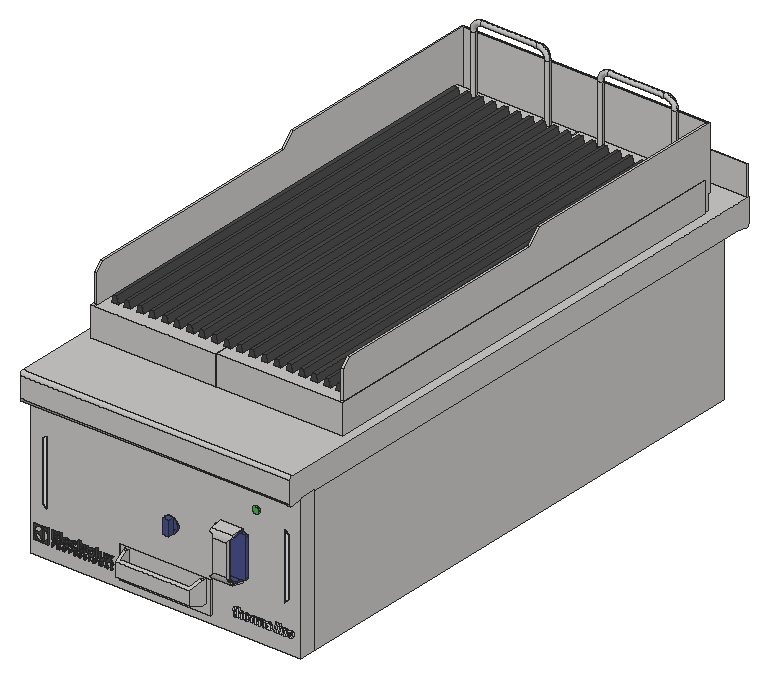
Revit family "QF_ELECTROLUXPROFESSIONAL_593100_MBDABBDOVO", category Specialty Equipment, Revit 2014
Parameters
  Weight in Pounds = 487.22
  URL Cutsheet = ""
  Type Mark [instance] = ""
  Specification by User [instance] = ""
  Specification by Manufacturer = ""
  Serial Number = ""
  Seismic Rating = ""
  SMACNA No = ""
  Revision Code [instance] = ""
  Omniclass Number and Title = ""
  NAFEM Spec ID Number = ""
  Model = "588557"
  Masterspec = ""
  Manufacturer = "Electrolux Professional"
  Item Number [instance] = ""
  Installed By [instance] = ""
  Identify Quantity as Lot [instance] = yes
  Furnished By [instance] = ""
  Foodservice Equipment Identifier [instance] = yes
  Description = ""
  CSI MasterFormat = ""
  CSI Master Format = ""
Reference planes
  plane 1 "BACK": y = 0
  plane 2: z = 0
  plane 3 "LEFT": x = 0
  plane 4 "RIGHT": x = 400
  plane 5 "FRONT": y = -850
  plane 6 "TOP": z = 900
  plane 7 "Center (Left/Right)": x = 200
  plane 8: y = -425
  plane 9: y = -150
  plane 10: y = -65
  plane 11: y = -790
  plane 12 "GASy": y = -540
  plane 13 "Base_Rib": z = 944
  plane 14 "BaseTop": z = 650
  plane 15: y = -805
  plane 16 "Camino": y = -50
  plane 17 "GASx": x = 365
  plane 18: z = 1131
  plane 19 "PlaneRibbed": through (-6096, -65, 890) normal (0, -0.0251, 0.9997)
  plane 20 "U_Profile": y = -73
Forms (mm)
  Extrusion 1, solid, material "QF_Finishes_Stainless Steel"
    sketch origin (-178.969, -4572, 100) x (-1, 0, 0) y (0, -1, 0)
      loop
        line (-178.969, -4527) -> (-178.969, -3767) -> (-578.969, -3767) -> (-578.969, -4527) -> (-178.969, -4527)
    from 550 to 762.969
  Extrusion 2, solid, material "QF_Finishes_Stainless Steel"
    sketch origin (200, 296.4, 1219.2) x (0, 1, 0) y (0, 0, 1)
      loop
        line (-296.4, -319.2) -> (-1141.4, -319.2)
        arc (-1141.4, -319.2) -> (-1144.935, -320.664) -> (-1146.4, -324.2) r 5
        line (-1146.4, -324.2) -> (-1146.4, -355.2)
        arc (-1146.4, -355.2) -> (-1144.971, -358.264) -> (-1141.705, -359.139) r 4
        line (-1141.705, -359.139) -> (-1126.4, -356.231) -> (-316.4, -356.231) -> (-301.094, -359.139)
        arc (-301.094, -359.139) -> (-297.829, -358.264) -> (-296.4, -355.2) r 4
        line (-296.4, -355.2) -> (-296.4, -319.2)
    from -200 to 200
  Extrusion 3, solid, material "QF_Finishes_Stainless Steel"
    sketch origin (200, 296.4, 1219.2) x (0, 1, 0) y (0, 0, 1)
      loop
        line (-296.4, -319.2) -> (-296.4, -275.2) -> (-298.4, -275.2) -> (-298.4, -319.2) -> (-296.4, -319.2)
    from 200 to -200
  Extrusion 4, solid, material "QF_Finishes_Stainless Steel"
    sketch origin (0, 0, 650) x (-1, 0, 0) y (0, -1, 0)
      loop
        circle (-365, 540) r 6.35
    from 0 to -10
  Extrusion 5, solid, material "QF_Finishes_Stainless Steel"
    sketch origin (200, 296.4, 1219.2) x (0, 1, 0) y (0, 0, 1)
      loop
        line (-663.66, -204.2) -> (-681.66, -222.2) -> (-1016.26, -222.2) -> (-1027.4, -233.34) -> (-1027.4, -319.2) -> (-352.4, -319.2) -> (-352.4, -297.2) -> (-347.4, -297.2) -> (-347.4, -204.2) -> (-663.66, -204.2)
    from -181 to -184
  Extrusion 6, solid, material "QF_Finishes_Stainless Steel"
    sketch origin (200, 296.4, 1219.2) x (0, 1, 0) y (0, 0, 1)
      loop
        line (-663.66, -204.2) -> (-681.66, -222.2) -> (-1016.26, -222.2) -> (-1027.4, -233.34) -> (-1027.4, -319.2) -> (-352.4, -319.2) -> (-352.4, -297.2) -> (-347.4, -297.2) -> (-347.4, -204.2) -> (-663.66, -204.2)
    from 184 to 181
  Extrusion 7, solid, material "QF_Finishes_Stainless Steel"
    sketch origin (200, 296.4, 1219.2) x (0, 1, 0) y (0, 0, 1)
      loop
        line (-350.4, -297.2) -> (-347.4, -297.2) -> (-347.4, -204.2) -> (-350.4, -204.2) -> (-350.4, -297.2)
    from -181 to 181
  Sweep 8, solid, material "QF_Finishes_Stainless Steel"
    path origin (185, -73, 0) x (1, 0, 0) y (0, 0, 1)
      loop
        line (-134.5, 944) -> (-134.5, 1030.5)
        arc (-134.5, 1030.5) -> (-130.546, 1040.046) -> (-121, 1044) r 13.5
        line (-121, 1044) -> (-38, 1044)
        arc (-38, 1044) -> (-28.454, 1040.046) -> (-24.5, 1030.5) r 13.5
        line (-24.5, 1030.5) -> (-24.5, 944)
    profile origin (50.5, -73, 987.25) x (-1, 0, 0) y (0, -1, 0)
      loop
        circle (0, 0) r 3.5
  Extrusion 9, solid, material "QF_Finishes_Stainless Steel"
    sketch origin (200, 296.4, 1219.2) x (0, 1, 0) y (0, 0, 1)
      loop
        line (-1032.4, -275.2) -> (-1032.4, -319.2) -> (-360.4, -319.2) -> (-360.4, -275.2) -> (-1032.4, -275.2)
    from -1 to -186.5
  Extrusion 10, solid, material "QF_Finishes_Stainless Steel"
    sketch origin (200, 296.4, 1219.2) x (0, 1, 0) y (0, 0, -1)
      loop
        line (-1032.4, 275.2) -> (-360.4, 275.2) -> (-360.4, 319.2) -> (-1032.4, 319.2) -> (-1032.4, 275.2)
    from -1 to -186.5
  Sweep 11, solid, material "QF_Finishes_Stainless Steel"
    path origin (215, -73, 0) x (-1, 0, 0) y (0, 0, 1)
      loop
        line (-134.5, 944) -> (-134.5, 1030.5)
        arc (-134.5, 1030.5) -> (-130.546, 1040.046) -> (-121, 1044) r 13.5
        line (-121, 1044) -> (-38, 1044)
        arc (-38, 1044) -> (-28.454, 1040.046) -> (-24.5, 1030.5) r 13.5
        line (-24.5, 1030.5) -> (-24.5, 944)
    profile origin (349.5, -73, 987.25) x (-1, 0, 0) y (0, -1, 0)
      loop
        circle (0, 0) r 3.5
Lines and regions (mm)
  symbolic lines
    curve 1: line (0, 0, 100) -> (400, 0, 100)
    curve 2: line (0, -850, 100) -> (0, 0, 100)
    curve 3: line (400, -850, 100) -> (0, -850, 100)
    curve 4: line (400, 0, 100) -> (400, -850, 100)
    curve 5: line (0, -2, 0) -> (400, -2, 0)
    curve 6: line (16, -51, 0) -> (16, -731, 0)
    curve 7: line (19, -731, 0) -> (19, -54, 0)
    curve 8: line (384, -51, 0) -> (16, -51, 0)
    curve 9: line (19, -54, 0) -> (381, -54, 0)
    curve 10: line (384, -731, 0) -> (384, -51, 0)
    curve 11: line (381, -731, 0) -> (384, -731, 0)
    curve 12: line (384, -719.86, 0) -> (381, -719.86, 0)
    curve 13: line (381, -367.26, 0) -> (384, -367.26, 0)
    curve 14: line (381, -385.26, 0) -> (384, -385.26, 0)
    curve 15: line (16, -367.26, 0) -> (19, -367.26, 0)
    curve 16: line (16, -385.26, 0) -> (19, -385.26, 0)
    curve 17: line (16, -731, 0) -> (19, -731, 0)
    curve 18: line (16, -719.86, 0) -> (19, -719.86, 0)
    curve 19: line (201, -736, 0) -> (386.5, -736, 0)
    curve 20: line (13.5, -736, 0) -> (199, -736, 0)
    curve 21: line (386.5, -736, 0) -> (386.5, -64, 0)
    curve 22: line (201, -64, 0) -> (381, -64, 0)
    curve 23: line (28, -64, 0) -> (199, -64, 0)
    curve 24: arc (160.5, -69.5, 0) -> (164, -73, 0) -> (160.5, -76.5, 0) r 3.5
    curve 25: arc (50.5, -69.5, 0) -> (47, -73, 0) -> (50.5, -76.5, 0) r 3.5
    curve 26: line (50.5, -76.5, 0) -> (160.5, -76.5, 0)
    curve 27: line (160.5, -69.5, 0) -> (50.5, -69.5, 0)
    curve 28: line (13.5, -64, 0) -> (13.5, -736, 0)
    curve 29: arc (239.5, -69.5, 0) -> (236, -73, 0) -> (239.5, -76.5, 0) r 3.5
    curve 30: arc (349.5, -69.5, 0) -> (353, -73, 0) -> (349.5, -76.5, 0) r 3.5
    curve 31: line (349.5, -76.5, 0) -> (239.5, -76.5, 0)
    curve 32: line (239.5, -69.5, 0) -> (349.5, -69.5, 0)
    curve 33: line (386.5, -64, 0) -> (386.5, -736, 0)
    curve 34: line (381, -731, 0) -> (381, -51, 0)
    curve 35: line (386.5, -64, 0) -> (384, -64, 0)
Dimensions and locks
  plane 3 "LEFT" to plane 4 "RIGHT" = 400 mm
  locked: plane 5 "FRONT" to plane 1 "BACK" at 850
  plane 3 "LEFT" to plane 7 "Center (Left/Right)" to plane 4 "RIGHT" = 200 mm, 200 mm
  equal spacing: plane 5 "FRONT", plane 8, plane 1 "BACK"
  plane 6 "TOP" to level = 900 mm  (x2)
  plane 1 "BACK" to plane 9 = 150 mm
  plane 12 "GASy" to plane 1 "BACK" = 540 mm
  plane 13 "Base_Rib" to plane 6 "TOP" = 44 mm
  plane 10 to plane 1 "BACK" = 65 mm
  plane 5 "FRONT" to plane 11 = 60 mm
  locked: plane 6 "TOP" to plane 14 "BaseTop" at 250
  locked: plane 15 to plane 5 "FRONT" at 45
  plane 16 "Camino" to plane 1 "BACK" = 50 mm
  plane 17 "GASx" to plane 4 "RIGHT" = 35 mm
  plane 18 to plane 6 "TOP" = 231 mm
  aligned and locked: level to plane 2
  aligned and locked: nested 1 to plane 15
  aligned and locked: Extrusion 1 to plane 15
  aligned and locked: Extrusion 3 to plane 3 "LEFT"
  aligned and locked: Extrusion 3 to plane 4 "RIGHT"
  aligned and locked: plane 3 "LEFT" to nested 1
  aligned and locked: Extrusion 2 to plane 3 "LEFT"
  aligned and locked: Extrusion 2 to plane 4 "RIGHT"
Automatic sketch dimensions
  Extrusion 2 sketch curve to plane 5 "FRONT" = 0 mm
  Extrusion 2 sketch curve to plane 6 "TOP" = 0 mm
  Extrusion 2 sketch curve to plane 1 "BACK" = 0 mm
  Extrusion 2 sketch curve to Extrusion 2 sketch curve = 4 mm
  Extrusion 2 sketch curve to Extrusion 2 sketch curve = 0.695 mm
  Extrusion 2 sketch curve to plane 5 "FRONT" = 5 mm
  Extrusion 2 sketch curve to Extrusion 2 sketch curve = 15.305 mm
  plane 1 "BACK" to Extrusion 2 sketch curve = 20 mm
  plane 1 "BACK" to Extrusion 2 sketch curve = 4.695 mm
  plane 1 "BACK" to Extrusion 2 sketch curve = 4 mm
  Extrusion 2 sketch curve to Extrusion 2 sketch curve = 31 mm
  Extrusion 2 sketch curve to Extrusion 2 sketch curve = 36 mm
  Extrusion 2 sketch curve to Extrusion 2 sketch curve = 2.909 mm
  Extrusion 3 sketch curve to plane 6 "TOP" = 0 mm
  Extrusion 3 sketch curve to plane 13 "Base_Rib" = 0 mm
  Extrusion 3 sketch curve to plane 1 "BACK" = 0 mm
  plane 1 "BACK" to Extrusion 3 sketch curve = 2 mm
  Extrusion 4 sketch curve to plane 12 "GASy" = 0 mm
  Extrusion 4 sketch curve to plane 17 "GASx" = 0 mm
  Extrusion 5 sketch curve to plane 6 "TOP" = 0 mm
  Extrusion 5 sketch curve to plane 11 = 59 mm
  Extrusion 5 sketch curve to Extrusion 5 sketch curve = 11.14 mm
  plane 8 to Extrusion 5 sketch curve = 39.74 mm
  Extrusion 5 sketch curve to Extrusion 5 sketch curve = 18 mm
  plane 16 "Camino" to Extrusion 5 sketch curve = 6 mm
  plane 16 "Camino" to Extrusion 5 sketch curve = 1 mm
  Extrusion 5 sketch curve to Extrusion 5 sketch curve = 22 mm
  plane 13 "Base_Rib" to Extrusion 5 sketch curve = 41.86 mm
  plane 13 "Base_Rib" to Extrusion 5 sketch curve = 53 mm
  plane 13 "Base_Rib" to Extrusion 5 sketch curve = 71 mm
  Extrusion 6 sketch curve to plane 6 "TOP" = 0 mm
  Extrusion 6 sketch curve to plane 11 = 59 mm
  Extrusion 6 sketch curve to Extrusion 6 sketch curve = 11.14 mm
  plane 8 to Extrusion 6 sketch curve = 39.74 mm
  Extrusion 6 sketch curve to Extrusion 6 sketch curve = 18 mm
  plane 16 "Camino" to Extrusion 6 sketch curve = 6 mm
  plane 16 "Camino" to Extrusion 6 sketch curve = 1 mm
  Extrusion 6 sketch curve to Extrusion 6 sketch curve = 22 mm
  plane 13 "Base_Rib" to Extrusion 6 sketch curve = 41.86 mm
  plane 13 "Base_Rib" to Extrusion 6 sketch curve = 53 mm
  plane 13 "Base_Rib" to Extrusion 6 sketch curve = 71 mm
  plane 16 "Camino" to Extrusion 7 sketch curve = 4 mm
  plane 16 "Camino" to Extrusion 7 sketch curve = 1 mm
  plane 6 "TOP" to Extrusion 7 sketch curve = 22 mm
  plane 13 "Base_Rib" to Extrusion 7 sketch curve = 71 mm
  Extrusion 9 sketch curve to plane 13 "Base_Rib" = 0 mm
  plane 6 "TOP" to Extrusion 9 sketch curve = 0 mm
  Extrusion 9 sketch curve to plane 11 = 54 mm
  Extrusion 9 sketch curve to plane 10 = 1 mm
  plane 13 "Base_Rib" to Extrusion 10 sketch curve = 0 mm
  plane 6 "TOP" to Extrusion 10 sketch curve = 0 mm
  Extrusion 10 sketch curve to plane 11 = 54 mm
  Extrusion 10 sketch curve to plane 10 = 1 mm
  Extrusion 1 sketch curve to plane 4 "RIGHT" = 0 mm
  Extrusion 1 sketch curve to plane 3 "LEFT" = 0 mm
  Extrusion 1 sketch curve to plane 15 = 0 mm
  Extrusion 1 sketch curve to plane 16 "Camino" = 5 mm
  plane 1 "BACK" to curve 1 = 0 mm
  curve 1 to plane 4 "RIGHT" = 0 mm
  curve 3 to plane 3 "LEFT" = 0 mm
  plane 5 "FRONT" to curve 3 = 0 mm
  Sweep 8 sketch curve to plane 13 "Base_Rib" = 0 mm  (x2)
  plane 3 "LEFT" to Sweep 8 sketch curve = 50.5 mm
  Sweep 8 sketch curve to Sweep 8 sketch curve = 13.5 mm  (x2)
  Sweep 8 sketch curve to plane 7 "Center (Left/Right)" = 53 mm
  plane 13 "Base_Rib" to Sweep 8 sketch curve = 86.5 mm
  plane 20 "U_Profile" to Sweep 8 sketch curve = 0 mm
  Sweep 8 sketch curve to profile plane = 0 mm
  Sweep 11 sketch curve to plane 13 "Base_Rib" = 0 mm  (x2)
  plane 17 "GASx" to Sweep 11 sketch curve = 15.5 mm
  Sweep 11 sketch curve to Sweep 11 sketch curve = 13.5 mm  (x2)
  Sweep 11 sketch curve to plane 7 "Center (Left/Right)" = 53 mm
  Sweep 11 sketch curve to plane 13 "Base_Rib" = 86.5 mm
  plane 20 "U_Profile" to Sweep 11 sketch curve = 0 mm
  Sweep 11 sketch curve to profile plane = 0 mm
  curve 5 to plane 3 "LEFT" = 0 mm
  plane 20 "U_Profile" to curve 25 = 0 mm
  plane 20 "U_Profile" to curve 29 = 0 mm
  curve 5 to plane 4 "RIGHT" = 0 mm
  plane 3 "LEFT" to curve 28 = 13.5 mm
  plane 16 "Camino" to curve 8 = 1 mm
  curve 28 to curve 8 = 2.5 mm
  curve 6 to curve 17 = 3 mm
  curve 27 to plane 20 "U_Profile" = 3.5 mm
  curve 7 to curve 27 = 31.5 mm
  curve 27 to plane 7 "Center (Left/Right)" = 39.5 mm
  curve 32 to plane 20 "U_Profile" = 3.5 mm
  plane 7 "Center (Left/Right)" to curve 32 = 39.5 mm
  curve 31 to plane 17 "GASx" = 15.5 mm
  plane 17 "GASx" to curve 11 = 16 mm
  curve 34 to curve 8 = 3 mm
  curve 19 to plane 11 = 54 mm
  curve 20 to plane 11 = 54 mm
  curve 20 to curve 7 = 5 mm
  curve 19 to curve 10 = 5 mm
  plane 16 "Camino" to curve 9 = 4 mm
  curve 23 to plane 10 = 1 mm
  curve 7 to curve 23 = 9 mm
  curve 23 to plane 7 "Center (Left/Right)" = 1 mm
  curve 20 to plane 7 "Center (Left/Right)" = 1 mm
  plane 7 "Center (Left/Right)" to curve 19 = 1 mm
  plane 7 "Center (Left/Right)" to curve 22 = 1 mm
  curve 35 to plane 10 = 1 mm
  curve 35 to curve 21 = 2.5 mm
  curve 6 to curve 18 = 11.14 mm
  curve 11 to curve 12 = 11.14 mm
  plane 8 to curve 14 = 39.74 mm
  plane 8 to curve 16 = 39.74 mm
  curve 16 to curve 15 = 18 mm
  curve 14 to curve 13 = 18 mm
  curve 28 to plane 10 = 1 mm
  curve 22 to plane 10 = 1 mm
  plane 1 "BACK" to curve 5 = 2 mm
  radius of Extrusion 4 sketch curve = 6.35 mm
  radius of Sweep 8 sketch curve = 3.5 mm
  radius of Sweep 11 sketch curve = 3.5 mm
Nested families
  nested 1: "Front_Panel_W400_2 Knobs_2Spie_Manop_Simm" at (202.376, -805, 0), type "Front_Panel_W400_2 Knobs_2Spie_Manop_Simm"
  nested 2: "Rib_TRAP10x10" at (33.5, -411.07, 944) x (-1, 0, 0) z (0, 0, 1), type "Rib_TRAP10x10"
    with Show Clearance yes, Lenght 632 mm
  nested 3: "Rib_TRAP10x10" at (52, -411.07, 944) x (-1, 0, 0) z (0, 0, 1), type "Rib_TRAP10x10"
    with Show Clearance yes, Lenght 632 mm
  nested 4: "Rib_TRAP10x10" at (70.5, -411.07, 944) x (-1, 0, 0) z (0, 0, 1), type "Rib_TRAP10x10"
    with Show Clearance yes, Lenght 632 mm
  nested 5: "Rib_TRAP10x10" at (89, -411.07, 944) x (-1, 0, 0) z (0, 0, 1), type "Rib_TRAP10x10"
    with Show Clearance yes, Lenght 632 mm
  nested 6: "Rib_TRAP10x10" at (107.5, -411.07, 944) x (-1, 0, 0) z (0, 0, 1), type "Rib_TRAP10x10"
    with Show Clearance yes, Lenght 632 mm
  nested 7: "Rib_TRAP10x10" at (126, -411.07, 944) x (-1, 0, 0) z (0, 0, 1), type "Rib_TRAP10x10"
    with Show Clearance yes, Lenght 632 mm
  nested 8: "Rib_TRAP10x10" at (144.5, -411.07, 944) x (-1, 0, 0) z (0, 0, 1), type "Rib_TRAP10x10"
    with Show Clearance yes, Lenght 632 mm
  nested 9: "Rib_TRAP10x10" at (163, -411.07, 944) x (-1, 0, 0) z (0, 0, 1), type "Rib_TRAP10x10"
    with Show Clearance yes, Lenght 632 mm
  nested 10: "Rib_TRAP10x10" at (181.5, -411.07, 944) x (-1, 0, 0) z (0, 0, 1), type "Rib_TRAP10x10"
    with Show Clearance yes, Lenght 632 mm
  nested 11: "Rib_TRAP10x10" at (200, -411.07, 944) x (-1, 0, 0) z (0, 0, 1), type "Rib_TRAP10x10"
    with Show Clearance yes, Lenght 632 mm
  nested 12: "Rib_TRAP10x10" at (218.5, -411.07, 944) x (-1, 0, 0) z (0, 0, 1), type "Rib_TRAP10x10"
    with Show Clearance yes, Lenght 632 mm
  nested 13: "Rib_TRAP10x10" at (237, -411.07, 944) x (-1, 0, 0) z (0, 0, 1), type "Rib_TRAP10x10"
    with Show Clearance yes, Lenght 632 mm
  nested 14: "Rib_TRAP10x10" at (255.5, -411.07, 944) x (-1, 0, 0) z (0, 0, 1), type "Rib_TRAP10x10"
    with Show Clearance yes, Lenght 632 mm
  nested 15: "Rib_TRAP10x10" at (274, -411.07, 944) x (-1, 0, 0) z (0, 0, 1), type "Rib_TRAP10x10"
    with Show Clearance yes, Lenght 632 mm
  nested 16: "Rib_TRAP10x10" at (292.5, -411.07, 944) x (-1, 0, 0) z (0, 0, 1), type "Rib_TRAP10x10"
    with Show Clearance yes, Lenght 632 mm
  nested 17: "Rib_TRAP10x10" at (311, -411.07, 944) x (-1, 0, 0) z (0, 0, 1), type "Rib_TRAP10x10"
    with Show Clearance yes, Lenght 632 mm
  nested 18: "Rib_TRAP10x10" at (329.5, -411.07, 944) x (-1, 0, 0) z (0, 0, 1), type "Rib_TRAP10x10"
    with Show Clearance yes, Lenght 632 mm
  nested 19: "Rib_TRAP10x10" at (348, -411.07, 944) x (-1, 0, 0) z (0, 0, 1), type "Rib_TRAP10x10"
    with Show Clearance yes, Lenght 632 mm
  nested 20: "Rib_TRAP10x10" at (366.5, -411.07, 944) x (-1, 0, 0) z (0, 0, 1), type "Rib_TRAP10x10"
    with Show Clearance yes, Lenght 632 mm
Connectors
  piping at (365, -540, 640), diameter 12.7
    settings: on Extrusion 4, index 2, connector inside diameter 24", connector length 0 mm, flow factor 0, pipe flow 0 GPM, pressure drop 0.00 psi, fitting loss kfactor 0, connector angle 0.00°, fixture units 0, engagement length 0 mm, angle of deflection 0.00°, flow configuration 1, flow direction 1, fitting loss method 0, system type 7, joint type 0, gender type 0, connector reference index -1, connector utility 0, adjustable connector no, is connector primary yes, connector description "Gas connection"
Definition of nested family "Front_Panel_W400_2 Knobs_2Spie_Manop_Simm"
  Reference planes
    plane 1 "Center (Front/Back)": y = 0
    plane 2: z = 0
    plane 3 "Right": x = 197.624
    plane 4 "Left": x = -202.376
    plane 5: y = -45
    plane 6: x = 97.624
    plane 7 "Panel": y = -25
    plane 8: x = -184.376
    plane 9: x = 57.473
    plane 10: x = -62.167
    plane 11 "Center (Left/Right)": x = -2.376
    plane 12: x = 179.624
  Forms (mm)
    Extrusion 1, solid, material "QF_Finishes_Stainless Steel"
      sketch origin (833.217, 829.203, -1.25) x (0, 1, 0) y (0, 0, 1)
        loop
          line (-854.203, 651.25) -> (-829.203, 651.25) -> (-829.203, 864.25) -> (-854.203, 864.25) -> (-854.203, 651.25)
      from -1035.593 to -635.593
    Extrusion 2, void
      sketch origin (-90, -25, -10) x (0, 0, 1) y (-1, 0, 0)
        loop
          line (731.866, 94.376) -> (726.866, 89.376) -> (823.866, 89.376) -> (818.866, 94.376) -> (731.866, 94.376)
        loop
          line (731.866, -269.624) -> (818.866, -269.624) -> (823.866, -264.624) -> (726.866, -264.624) -> (731.866, -269.624)
      from 0 to -2
    Extrusion 3, solid, material "QF_Finishes_Green"
      sketch origin (125, -25, 1.163) x (0, 0, 1) y (-1, 0, 0)
        loop
          circle (824.337, -7.624) r 5
      from 0 to 1.7
    Extrusion 4, solid, material "QF_Finishes_White"
      sketch origin (-90, -25, -10) x (0, 0, 1) y (-1, 0, 0)
        loop
          line (731.866, 94.376) -> (726.866, 89.376) -> (823.866, 89.376) -> (818.866, 94.376) -> (731.866, 94.376)
        loop
          line (731.866, -269.624) -> (818.866, -269.624) -> (823.866, -264.624) -> (726.866, -264.624) -> (731.866, -269.624)
      from 0 to -2
    Extrusion 5, solid, material "QF_Finishes_Electrolux Cyan"
      sketch origin (-65, -25, 0) x (0, 0, 1) y (-1, 0, 0)
        loop
          circle (761.978, -71.018) r 11.5
      from 1.492 to 2.716
    Extrusion 6, solid, material "QF_Finishes_Stainless Steel"
      sketch origin (-65, -25, 0) x (0, 0, 1) y (-1, 0, 0)
        loop
          circle (761.978, -71.018) r 8.098
      from 0 to 1.492
    Extrusion 7, solid, material "QF_Finishes_Electrolux Cyan"
      sketch origin (-65, -25, 0) x (0, 0, 1) y (-1, 0, 0)
        loop
          arc (772.561, -75.518) -> (773.478, -71.018) -> (772.561, -66.518) r 11.5
          line (772.561, -66.518) -> (751.395, -66.518)
          arc (751.395, -66.518) -> (750.478, -71.018) -> (751.395, -75.518) r 11.5
          line (751.395, -75.518) -> (772.561, -75.518)
      from 1.492 to 10
    Extrusion 8, solid, material "QF_Finishes_Stainless Steel"
      sketch origin (-19.971, -25, 0) x (0, 0, 1) y (-1, 0, 0)
        loop
          line (708.5, 50.376) -> (661.5, 50.376) -> (661.5, -85.567) -> (708.5, -85.567) -> (708.5, 50.376)
      from -2 to 1
    Extrusion 9, solid, material "QF_Finishes_Stainless Steel"
      sketch origin (-159.792, 0, 0.939) x (1, 0, 0) y (0, 1, 0)
        loop
          line (103.029, -26.6) -> (97.935, -26.6) -> (102.304, -49.075) -> (212.585, -49.075) -> (217.265, -25) -> (212.171, -25) -> (208.463, -44.075) -> (106.426, -44.075) -> (103.029, -26.6)
      from 672.593 to 705.67
    Extrusion 10, void
      sketch origin (-12.167, 0, 0.939) x (0, 1, 0) y (0, 0, 1)
        loop
          line (-30, 705.67) -> (-30, 710.67) -> (-56.744, 710.67) -> (-56.744, 667.593) -> (-30, 667.593) -> (-30, 672.593) -> (-53.776, 680.318) -> (-53.776, 697.945) -> (-30, 705.67)
      from -50 to 69.64
    Extrusion 11, void
      sketch origin (0, -25, 0) x (0, 0, 1) y (-1, 0, 0)
        loop
          line (708.5, 70.347) -> (661.5, 70.347) -> (661.5, -65.596) -> (708.5, -65.596) -> (708.5, 70.347)
      from 0 to -2
  Cuts and joins
    Extrusion 2, Extrusion 11 cuts Extrusion 1
    joined: Extrusion 5, Extrusion 7
    Extrusion 10 cuts Extrusion 9
  Dimensions and locks
    plane 3 "Right" to plane 4 "Left" = 400 mm
    plane 3 "Right" to plane 6 = 100 mm
    equal spacing: plane 3 "Right", plane 11 "Center (Left/Right)", plane 4 "Left"
    aligned and locked: cut or joined group of Extrusion 1, Extrusion 2, Extrusion 11 to plane 4 "Left"
    aligned and locked: plane 3 "Right" to cut or joined group of Extrusion 1, Extrusion 2, Extrusion 11
  Automatic sketch dimensions
    Extrusion 1 sketch curve to plane 7 "Panel" = 0 mm
    Extrusion 1 sketch curve to plane 1 "Center (Front/Back)" = 0 mm
    level to Extrusion 1 sketch curve = 650 mm
    Extrusion 1 sketch curve to Extrusion 1 sketch curve = 213 mm
    level to Extrusion 2 sketch curve = 716.866 mm
    plane 8 to Extrusion 2 sketch curve = 5 mm
    Extrusion 2 sketch curve to Extrusion 2 sketch curve = 0 mm
    plane 8 to Extrusion 2 sketch curve = 0 mm
    Extrusion 2 sketch curve to Extrusion 2 sketch curve = 5 mm  (x5)
    Extrusion 2 sketch curve to Extrusion 2 sketch curve = 87 mm  (x2)
    Extrusion 3 sketch curve to plane 3 "Right" = 65 mm
    level to Extrusion 3 sketch curve = 825.5 mm
    Extrusion 5 sketch curve to plane 9 = 51.455 mm
    level to Extrusion 5 sketch curve = 761.978 mm
    Extrusion 6 sketch curve to plane 9 = 51.455 mm
    level to Extrusion 6 sketch curve = 761.978 mm
    Extrusion 7 sketch curve to Extrusion 7 sketch curve = 0 mm  (x3)
    Extrusion 7 sketch curve to plane 9 = 55.955 mm
    level to Extrusion 7 sketch curve = 751.395 mm
    Extrusion 7 sketch curve to plane 9 = 46.955 mm
    Extrusion 7 sketch curve to Extrusion 7 sketch curve = 10.583 mm  (x2)
    Extrusion 8 sketch curve to plane 10 = 8.18 mm
    level to Extrusion 8 sketch curve = 661.5 mm
    plane 9 to Extrusion 8 sketch curve = 8.122 mm
    Extrusion 8 sketch curve to Extrusion 8 sketch curve = 47 mm
    plane 7 "Panel" to Extrusion 9 sketch curve = 0 mm
    Extrusion 9 sketch curve to plane 9 = 0 mm
    Extrusion 9 sketch curve to plane 9 = 4.68 mm
    Extrusion 9 sketch curve to plane 9 = 5.094 mm
    Extrusion 9 sketch curve to plane 5 = 0.925 mm
    Extrusion 9 sketch curve to Extrusion 9 sketch curve = 4.122 mm
    plane 10 to Extrusion 9 sketch curve = 8.801 mm
    plane 7 "Panel" to Extrusion 9 sketch curve = 1.6 mm
    plane 10 to Extrusion 9 sketch curve = 5.405 mm
    plane 10 to Extrusion 9 sketch curve = 4.68 mm
    plane 10 to Extrusion 9 sketch curve = 0.311 mm
    plane 5 to Extrusion 9 sketch curve = 4.075 mm
    plane 5 to Extrusion 10 sketch curve = 11.744 mm
    plane 5 to Extrusion 10 sketch curve = 8.776 mm
    plane 7 "Panel" to Extrusion 10 sketch curve = 5 mm  (x2)
    level to Extrusion 10 sketch curve = 668.531 mm
    Extrusion 10 sketch curve to Extrusion 10 sketch curve = 5 mm
    Extrusion 10 sketch curve to Extrusion 10 sketch curve = 12.725 mm  (x2)
    Extrusion 10 sketch curve to Extrusion 10 sketch curve = 17.627 mm
    Extrusion 10 sketch curve to Extrusion 10 sketch curve = 7.725 mm
    Extrusion 11 sketch curve to plane 10 = 8.18 mm
    level to Extrusion 11 sketch curve = 661.5 mm
    plane 9 to Extrusion 11 sketch curve = 8.122 mm
    Extrusion 11 sketch curve to Extrusion 11 sketch curve = 47 mm
    Extrusion 2 sketch curve to plane 3 "Right" = 23 mm
    Extrusion 4 sketch curve to plane 8 = 0 mm
    Extrusion 4 sketch curve to plane 3 "Right" = 23 mm
    level to Extrusion 4 sketch curve = 716.866 mm
    plane 8 to Extrusion 4 sketch curve = 5 mm
    Extrusion 4 sketch curve to Extrusion 4 sketch curve = 0 mm
    Extrusion 4 sketch curve to Extrusion 4 sketch curve = 5 mm  (x4)
    Extrusion 4 sketch curve to plane 3 "Right" = 18 mm
    Extrusion 4 sketch curve to Extrusion 4 sketch curve = 87 mm  (x2)
    radius of Extrusion 3 sketch curve = 5 mm
    radius of Extrusion 5 sketch curve = 11.5 mm
    radius of Extrusion 6 sketch curve = 8.098 mm
  Nested families
    nested 1: "Range Control Handle" at (97.624, -28.137, -209.113) x (-1, 0, 0) z (0, 0, 1), type "Range Control Handle"
    nested 2: "ELX_ThermaLine_Small" at (138.901, -25, 679.426) x (1, 0, 0) z (0, -1, 0), type "ELX_ThermaLine_Small"
      with Show Logo yes, Material_Logo QF_Finishes_Black
    nested 3: "ELX_Professional_Logo_Small" at (-137.89, -25, 681.659) x (1, 0, 0) z (0, -1, 0), type "ELX_Professional_Logo_Small"
      with Show Logo yes, Material_Logo QF_Finishes_Black
  Definition of nested family "Range Control Handle"
    Reference planes
      plane 1 "Center (Front/Back)": y = 0
      plane 2: z = 0
      plane 3 "Center (Left/Right)": x = 0
      plane 4: z = 971.092
      plane 5: y = -16.9
    Forms (mm)
      Extrusion 1, solid, material "QF_Finishes_Electrolux Cyan"
        sketch origin (-746.28, 380.497, 208.931) x (-1, 0, 0) y (0, 0, 1)
          loop
            line (-770.101, 786.798) -> (-770.101, 731.649)
            arc (-770.101, 731.649) -> (-769.759, 730.563) -> (-768.855, 729.87) r 1.893
            line (-768.855, 729.87) -> (-763.474, 727.911) -> (-729.81, 727.911) -> (-724.428, 729.87)
            arc (-724.428, 729.87) -> (-723.525, 730.563) -> (-723.183, 731.649) r 1.893
            line (-723.183, 731.649) -> (-723.183, 786.798)
            arc (-723.183, 786.798) -> (-723.529, 787.894) -> (-724.44, 788.593) r 1.91
            line (-724.44, 788.593) -> (-729.683, 790.819) -> (-763.601, 790.819) -> (-768.844, 788.593)
            arc (-768.844, 788.593) -> (-769.755, 787.894) -> (-770.101, 786.798) r 1.91
        from -382.35 to -378.852
      Sweep 2, solid, material "QF_Finishes_Electrolux Cyan"
        path origin (-746.788, 380.496, 208.091) x (0, -1, 0) y (0, 0, 1)
          loop
            line (379.775, 793.281) -> (395.661, 791.048)
            arc (395.661, 791.048) -> (397.781, 787.377) -> (398.517, 783.202) r 12.207
            line (398.517, 783.202) -> (398.517, 737.368)
            arc (398.517, 737.368) -> (397.781, 733.193) -> (395.661, 729.522) r 12.207
            line (395.661, 729.522) -> (379.775, 727.289)
        profile origin (-746.788, -7.222, 1000.256) x (0, -0.139173, 0.990268) y (-1, 0, 0)
          loop
            line (0.782, -763.123) -> (0.782, -730.907) -> (-1.322, -730.907) -> (-1.322, -763.123) -> (0.782, -763.123)
      Sweep 3, solid, material "QF_Finishes_Stainless Steel"
        path origin (-746.788, 380.715, 207.832) x (0, -1, 0) y (0, 0, 1)
          loop
            line (380.478, 795.442) -> (397.218, 793.09)
            arc (397.218, 793.09) -> (399.929, 788.473) -> (400.871, 783.202) r 15.207
            line (400.871, 783.202) -> (400.871, 737.584)
            arc (400.871, 737.584) -> (399.914, 732.274) -> (397.164, 727.633) r 15.207
            line (397.164, 727.633) -> (380.601, 725.305)
        profile origin (-746.788, -8.132, 1002.099) x (0, -0.139173, 0.990268) y (-1, 0, 0)
          loop
            line (0.782, -763.123) -> (0.782, -730.907) -> (-1.322, -730.907) -> (-1.322, -763.123) -> (0.782, -763.123)
      Extrusion 4, void
        sketch origin (889.253, 220.666, 207.993) x (1, 0, 0) y (0, 0, 1)
          loop
            line (-943.038, 816.854) -> (-943.038, 703.686) -> (-899.466, 734.196) -> (-899.466, 786.344) -> (-943.038, 816.854)
        from 230.636 to 242.25
      Extrusion 5, void
        sketch origin (-888.8, 220.666, 207.993) x (-1, 0, 0) y (0, 0, -1)
          loop
            line (-943.038, -816.854) -> (-899.466, -786.344) -> (-899.466, -734.196) -> (-943.038, -703.686) -> (-943.038, -816.854)
        from 230.636 to 242.25
      Extrusion 6, solid, material "QF_Finishes_Electrolux Cyan"
        sketch origin (0, 0, 0) x (1, 0, 0) y (0, 0, 1)
          loop
            circle (0, 971.092) r 7.736
        from -3.137 to -1.645
    Cuts and joins
      Extrusion 4, Extrusion 5 cuts Sweep 3
      Extrusion 4, Extrusion 5 cuts Sweep 2
      joined: Extrusion 1, Extrusion 6
    Lines and regions (mm)
      symbolic lines
        curve 1: line (16.334, -16.9, 0) -> (16.334, -19.227, 0)
        curve 2: spline (16.334, -19.227, 0) -> (15.87, -19.385, 0) -> (15.404, -19.536, 0) -> (14.936, -19.678, 0) -> (14.466, -19.813, 0) -> (13.995, -19.94, 0) -> (13.523, -20.059, 0) -> (13.049, -20.171, 0) -> (12.575, -20.274, 0) -> (12.099, -20.37, 0) -> (11.622, -20.458, 0) -> (11.144, -20.537, 0) -> (10.666, -20.609, 0)
        curve 3: line (10.666, -16.9, 0) -> (10.666, -20.938, 0)
        curve 4: line (-10.213, -20.938, 0) -> (10.666, -20.938, 0)
        curve 5: line (-10.213, -20.938, 0) -> (-10.213, -16.9, 0)
        curve 6: spline (-10.213, -20.609, 0) -> (-10.691, -20.537, 0) -> (-11.169, -20.458, 0) -> (-11.646, -20.37, 0) -> (-12.122, -20.274, 0) -> (-12.597, -20.171, 0) -> (-13.07, -20.059, 0) -> (-13.542, -19.94, 0) -> (-14.013, -19.813, 0) -> (-14.483, -19.678, 0) -> (-14.951, -19.536, 0) -> (-15.417, -19.385, 0) -> (-15.881, -19.227, 0)
        curve 7: line (-15.881, -19.227, 0) -> (-15.881, -16.9, 0)
  Definition of nested family "ELX_ThermaLine_Small"
    Parameters (values of type "ELX_ThermaLine_Small")
      Show Logo [instance] = yes
      Material_Logo [instance] = QF_Finishes_Black
      Default Elevation = 0 mm
    Reference planes
      plane 1 "Centro (Fronte/Retro)": y = 0
      plane 2: z = 0
      plane 3 "Centro (Sinistra/Destra)": x = 0
    Forms (mm)
      Extrusion 1, solid
        sketch origin (0, 0, 0) x (1, 0, 0) y (0, 1, 0)
          loop
            line (-1219.2, 1219.2) -> (-1219.2, -1219.2) -> (1219.2, -1219.2) -> (1219.2, 1219.2) -> (-1219.2, 1219.2)
        from 0 to -304.8
      Extrusion 2, solid, material "QF_Finishes_White"
        sketch origin (0, 0, 0) x (1, 0, 0) y (0, 1, 0)
          loop
            line (-37.494, 1.229) -> (-35.908, 1.229) -> (-35.908, 3.066) -> (-37.494, 3.066) -> (-37.494, 6.221) -> (-39.867, 4.881) -> (-39.867, 3.066) -> (-40.969, 3.066) -> (-40.969, 1.229) -> (-39.867, 1.229) -> (-39.867, -3.407)
            arc (-39.867, -3.407) -> (-38.982, -5.513) -> (-36.751, -6.001) r 2.478
            line (-36.751, -6.001) -> (-35.638, -5.7) -> (-35.9, -3.835) -> (-36.661, -4.039)
            arc (-36.661, -4.039) -> (-37.236, -3.924) -> (-37.494, -3.399) r 0.662
            line (-37.494, -3.399) -> (-37.494, 1.229)
          loop
            line (-34.242, 6.539) -> (-34.242, -5.848) -> (-31.854, -5.848) -> (-31.854, -0.078)
            arc (-31.854, -0.078) -> (-30.939, 1.249) -> (-29.33, 1.367) r 1.866
            arc (-29.33, 1.367) -> (-28.695, 0.768) -> (-28.461, -0.073) r 1.627
            line (-28.461, -0.073) -> (-28.461, -5.848) -> (-26.086, -5.848) -> (-26.064, -0.46)
            arc (-26.064, -0.46) -> (-26.261, 0.932) -> (-26.786, 2.237) r 5.825
            arc (-26.786, 2.237) -> (-29.381, 3.264) -> (-31.854, 1.971) r 3.353
            line (-31.854, 1.971) -> (-31.854, 6.539) -> (-34.242, 6.539)
          loop
            arc (-18.398, -0.598) -> (-18.893, 0.879) -> (-20.326, 1.487) r 1.897
            arc (-20.326, 1.487) -> (-21.461, 0.708) -> (-21.897, -0.598) r 2.164
            line (-21.897, -0.598) -> (-18.398, -0.598)
          loop
            arc (-16.021, -2.044) -> (-16.754, 1.227) -> (-19.444, 3.226) r 4.814
            arc (-19.444, 3.226) -> (-22.137, 2.788) -> (-23.943, 0.743) r 4.054
            arc (-23.943, 0.743) -> (-24.382, -1.249) -> (-24.162, -3.276) r 6.289
            arc (-24.162, -3.276) -> (-23.302, -4.71) -> (-21.958, -5.705) r 4.28
            arc (-21.958, -5.705) -> (-18.558, -5.814) -> (-16.152, -3.409) r 4.28
            line (-16.152, -3.409) -> (-18.5, -2.995)
            arc (-18.5, -2.995) -> (-19.273, -3.994) -> (-20.533, -4.076) r 1.536
            arc (-20.533, -4.076) -> (-21.56, -3.281) -> (-21.958, -2.044) r 2.197
            line (-21.958, -2.044) -> (-16.021, -2.044)
          loop
            line (-14.165, -5.848) -> (-11.819, -5.848) -> (-11.819, -2.138)
            arc (-11.819, -2.138) -> (-11.787, -1.156) -> (-11.637, -0.185) r 8.18
            arc (-11.637, -0.185) -> (-10.644, 0.972) -> (-9.132, 0.776) r 1.603
            line (-9.132, 0.776) -> (-8.419, 2.846)
            arc (-8.419, 2.846) -> (-10.432, 3.118) -> (-11.994, 1.821) r 2.527
            line (-11.994, 1.821) -> (-11.994, 3.094) -> (-14.165, 3.094) -> (-14.165, -5.848)
          loop
            line (-7.579, 3.094) -> (-7.579, -5.848) -> (-5.178, -5.848) -> (-5.178, -0.756)
            arc (-5.178, -0.756) -> (-4.727, 0.679) -> (-3.417, 1.419) r 2.05
            arc (-3.417, 1.419) -> (-2.499, 0.908) -> (-2.155, -0.085) r 1.471
            line (-2.155, -0.085) -> (-2.155, -5.848) -> (0.23, -5.848) -> (0.23, -1.001)
            arc (0.23, -1.001) -> (0.47, 0.127) -> (1.148, 1.061) r 2.775
            arc (1.148, 1.061) -> (2.225, 1.329) -> (3.05, 0.587) r 1.182
            arc (3.05, 0.587) -> (3.199, -0.019) -> (3.214, -0.642) r 2.894
            line (3.214, -0.642) -> (3.214, -5.848) -> (5.601, -5.848) -> (5.601, 0.261)
            arc (5.601, 0.261) -> (4.87, 2.263) -> (2.976, 3.241) r 2.932
            arc (2.976, 3.241) -> (1.284, 2.973) -> (-0.047, 1.896) r 3.309
            arc (-0.047, 1.896) -> (-1.116, 2.865) -> (-2.506, 3.258) r 3.16
            arc (-2.506, 3.258) -> (-4.105, 2.942) -> (-5.376, 1.92) r 3.419
            line (-5.376, 1.92) -> (-5.376, 3.094) -> (-7.579, 3.094)
          loop
            line (7.583, 0.738) -> (9.702, 0.364)
            arc (9.702, 0.364) -> (11.441, 1.492) -> (12.855, -0.023) r 1.613
            line (12.855, -0.023) -> (9.782, -0.789)
            arc (9.782, -0.789) -> (8.559, -1.346) -> (7.617, -2.305) r 3.687
            arc (7.617, -2.305) -> (7.499, -3.681) -> (7.901, -5.003) r 3.651
            arc (7.901, -5.003) -> (9.107, -5.766) -> (10.515, -6.006) r 3.635
            arc (10.515, -6.006) -> (11.898, -5.697) -> (13.067, -4.895) r 3.734
            line (13.067, -4.895) -> (13.376, -5.848) -> (15.75, -5.848) -> (15.212, -4.193) -> (15.212, 0.38)
            arc (15.212, 0.38) -> (14.897, 1.849) -> (13.818, 2.895) r 2.585
            arc (13.818, 2.895) -> (11.792, 3.442) -> (9.719, 3.11) r 5.005
            arc (9.719, 3.11) -> (8.369, 2.178) -> (7.583, 0.738) r 3.54
          loop
            line (19.723, -5.848) -> (22.233, -5.848) -> (24.854, 6.484) -> (22.345, 6.484) -> (19.723, -5.848)
          loop
            line (24.583, -5.848) -> (26.953, -5.848) -> (28.848, 3.066) -> (26.478, 3.066) -> (24.583, -5.848)
          loop
            line (27.204, 6.484) -> (26.741, 4.305) -> (29.111, 4.305) -> (29.575, 6.484) -> (27.204, 6.484)
          loop
            line (29.355, -5.848) -> (31.849, -5.848) -> (33.098, 0.028)
            arc (33.098, 0.028) -> (34.169, 1.306) -> (35.832, 1.422) r 2.132
            arc (35.832, 1.422) -> (36.324, 0.752) -> (36.383, -0.078) r 1.5
            line (36.383, -0.078) -> (35.157, -5.848) -> (37.536, -5.848) -> (38.936, 0.738)
            arc (38.936, 0.738) -> (38.775, 2.091) -> (37.825, 3.066) r 2.118
            arc (37.825, 3.066) -> (35.392, 3.175) -> (33.295, 1.937) r 4.271
            line (33.295, 1.937) -> (33.535, 3.066) -> (31.25, 3.066) -> (29.355, -5.848)
          loop
            line (42.792, -0.64) -> (46.589, -0.64)
            arc (46.589, -0.64) -> (46.639, 0.124) -> (46.327, 0.823) r 1.589
            arc (46.327, 0.823) -> (45.117, 1.521) -> (43.762, 1.183) r 1.865
            arc (43.762, 1.183) -> (43.141, 0.344) -> (42.792, -0.64) r 3.538
          loop
            line (42.565, -2.138) -> (48.593, -2.138)
            arc (48.593, -2.138) -> (48.58, 0.597) -> (46.983, 2.818) r 4.494
            arc (46.983, 2.818) -> (44.191, 3.28) -> (41.725, 1.891) r 4.26
            arc (41.725, 1.891) -> (40.503, -0.3) -> (40.284, -2.799) r 6.003
            arc (40.284, -2.799) -> (40.959, -4.468) -> (42.377, -5.576) r 3.482
            arc (42.377, -5.576) -> (44.265, -5.961) -> (46.152, -5.576) r 4.823
            arc (46.152, -5.576) -> (47.432, -4.731) -> (48.328, -3.485) r 4.245
            line (48.328, -3.485) -> (46.168, -3.105)
            arc (46.168, -3.105) -> (45.214, -4.072) -> (43.859, -4.181) r 1.953
            arc (43.859, -4.181) -> (42.821, -3.408) -> (42.565, -2.138) r 1.81
          loop
            line (12.868, -1.553) -> (10.216, -2.214)
            arc (10.216, -2.214) -> (9.747, -3.136) -> (10.216, -4.058) r 1.14
            arc (10.216, -4.058) -> (11.537, -4.249) -> (12.614, -3.46) r 1.763
            arc (12.614, -3.46) -> (12.858, -2.522) -> (12.868, -1.553) r 3.97
        from 0 to 1.6
    Dimensions and locks
      aligned and locked: plane 2 to Extrusion 1
      aligned and locked: level to Extrusion 1
  Definition of nested family "ELX_Professional_Logo_Small"
    Parameters (values of type "ELX_Professional_Logo_Small")
      Show Logo [instance] = yes
      Material_Logo [instance] = QF_Finishes_Black
      Default Elevation = 0 mm
    Reference planes
      plane 1 "Centro (Fronte/Retro)": y = 0
      plane 2: z = 0
      plane 3 "Centro (Sinistra/Destra)": x = 0
    Forms (mm)
      Extrusion 1, solid
        sketch origin (0, 0, 0) x (1, 0, 0) y (0, 1, 0)
          loop
            line (-1219.2, 1219.2) -> (-1219.2, -1219.2) -> (1219.2, -1219.2) -> (1219.2, 1219.2) -> (-1219.2, 1219.2)
        from 0 to -304.8
      Extrusion 2, solid, material "QF_Finishes_Black" <- "Material_Logo"
        sketch origin (15.5, 0, 0) x (1, 0, 0) y (0, 1, 0)
          loop
            spline (-42.99, -1.24) -> (-43.195, -1.231) -> (-43.415, -1.203) -> (-43.642, -1.152) -> (-43.87, -1.074) -> (-44.095, -0.966) -> (-44.309, -0.825) -> (-44.506, -0.647) -> (-44.681, -0.429) -> (-44.828, -0.167) -> (-44.94, 0.142) -> (-45.011, 0.501) -> (-45.037, 0.915)
            line (-45.037, 0.915) -> (-45.037, 2.748) -> (-38.984, 2.748) -> (-38.984, 5.086) -> (-45.038, 5.086) -> (-45.038, 8.489) -> (-38.599, 8.489) -> (-38.599, 10.82) -> (-47.515, 10.82) -> (-47.515, 1.021)
            spline (-47.515, 1.021) -> (-47.493, 0.418) -> (-47.425, -0.15) -> (-47.311, -0.682) -> (-47.15, -1.175) -> (-46.939, -1.628) -> (-46.678, -2.038) -> (-46.365, -2.404) -> (-46, -2.723) -> (-45.58, -2.995) -> (-45.105, -3.216) -> (-44.573, -3.385) -> (-43.983, -3.499)
            line (-43.983, -3.499) -> (-43.01, -3.569) -> (-38.426, -3.569) -> (-38.426, -1.24) -> (-42.99, -1.24)
          loop
            line (-36.666, 4.021) -> (-36.666, -3.573) -> (-34.188, -3.573) -> (-34.188, 10.824) -> (-36.666, 10.824) -> (-36.666, 4.021)
          loop
            spline (-21.915, 1.897) -> (-21.957, 2.615) -> (-22.082, 3.303) -> (-22.285, 3.955) -> (-22.563, 4.564) -> (-22.913, 5.124) -> (-23.331, 5.629) -> (-23.814, 6.074) -> (-24.359, 6.451) -> (-24.961, 6.755) -> (-25.618, 6.98) -> (-26.326, 7.119) -> (-27.081, 7.167)
            spline (-27.081, 7.167) -> (-27.853, 7.122) -> (-28.586, 6.99) -> (-29.275, 6.774) -> (-29.915, 6.478) -> (-30.5, 6.104) -> (-31.024, 5.657) -> (-31.483, 5.138) -> (-31.871, 4.553) -> (-32.182, 3.904) -> (-32.411, 3.194) -> (-32.552, 2.427) -> (-32.6, 1.606)
            spline (-32.6, 1.606) -> (-32.553, 0.805) -> (-32.416, 0.057) -> (-32.193, -0.637) -> (-31.887, -1.271) -> (-31.504, -1.843) -> (-31.048, -2.35) -> (-30.523, -2.788) -> (-29.934, -3.154) -> (-29.284, -3.444) -> (-28.579, -3.656) -> (-27.822, -3.785) -> (-27.019, -3.829)
            spline (-27.019, -3.829) -> (-26.627, -3.82) -> (-26.239, -3.79) -> (-25.856, -3.739) -> (-25.477, -3.663) -> (-25.103, -3.562) -> (-24.734, -3.432) -> (-24.369, -3.273) -> (-24.01, -3.082) -> (-23.655, -2.858) -> (-23.305, -2.597) -> (-22.96, -2.299) -> (-22.621, -1.962)
            line (-22.621, -1.962) -> (-24.114, -0.509)
            spline (-24.114, -0.509) -> (-24.311, -0.699) -> (-24.509, -0.872) -> (-24.71, -1.03) -> (-24.915, -1.172) -> (-25.126, -1.297) -> (-25.346, -1.407) -> (-25.576, -1.5) -> (-25.817, -1.576) -> (-26.072, -1.636) -> (-26.342, -1.678) -> (-26.629, -1.704) -> (-26.936, -1.713)
            spline (-26.936, -1.713) -> (-27.384, -1.691) -> (-27.805, -1.625) -> (-28.196, -1.518) -> (-28.556, -1.372) -> (-28.882, -1.187) -> (-29.174, -0.966) -> (-29.429, -0.71) -> (-29.645, -0.422) -> (-29.821, -0.102) -> (-29.955, 0.247) -> (-30.045, 0.623) -> (-30.089, 1.026)
            line (-30.089, 1.026) -> (-21.956, 1.026) -> (-21.915, 1.897)
          loop
            spline (-24.446, 2.769) -> (-24.47, 3.075) -> (-24.54, 3.37) -> (-24.654, 3.65) -> (-24.807, 3.913) -> (-24.996, 4.156) -> (-25.219, 4.376) -> (-25.472, 4.57) -> (-25.753, 4.736) -> (-26.057, 4.869) -> (-26.382, 4.968) -> (-26.724, 5.03) -> (-27.081, 5.051)
            spline (-27.081, 5.051) -> (-27.464, 5.03) -> (-27.832, 4.97) -> (-28.183, 4.872) -> (-28.513, 4.74) -> (-28.819, 4.577) -> (-29.099, 4.384) -> (-29.347, 4.165) -> (-29.563, 3.923) -> (-29.742, 3.659) -> (-29.881, 3.377) -> (-29.977, 3.079) -> (-30.027, 2.769)
            line (-30.027, 2.769) -> (-24.446, 2.769)
          loop
            spline (-18.167, 1.669) -> (-18.138, 2.13) -> (-18.055, 2.567) -> (-17.921, 2.978) -> (-17.739, 3.358) -> (-17.512, 3.705) -> (-17.243, 4.016) -> (-16.937, 4.287) -> (-16.596, 4.517) -> (-16.223, 4.7) -> (-15.823, 4.835) -> (-15.398, 4.919) -> (-14.951, 4.947)
            spline (-14.951, 4.947) -> (-14.677, 4.938) -> (-14.414, 4.913) -> (-14.162, 4.871) -> (-13.921, 4.812) -> (-13.69, 4.738) -> (-13.467, 4.649) -> (-13.254, 4.544) -> (-13.048, 4.424) -> (-12.85, 4.291) -> (-12.659, 4.143) -> (-12.474, 3.981) -> (-12.295, 3.806)
            line (-12.295, 3.806) -> (-10.76, 5.403)
            spline (-10.76, 5.403) -> (-11.065, 5.709) -> (-11.38, 5.984) -> (-11.703, 6.228) -> (-12.035, 6.443) -> (-12.375, 6.63) -> (-12.723, 6.788) -> (-13.078, 6.92) -> (-13.44, 7.026) -> (-13.809, 7.107) -> (-14.184, 7.164) -> (-14.564, 7.198) -> (-14.951, 7.209)
            spline (-14.951, 7.209) -> (-15.725, 7.161) -> (-16.467, 7.02) -> (-17.169, 6.792) -> (-17.826, 6.482) -> (-18.43, 6.096) -> (-18.976, 5.637) -> (-19.455, 5.112) -> (-19.862, 4.525) -> (-20.19, 3.882) -> (-20.433, 3.189) -> (-20.584, 2.449) -> (-20.635, 1.669)
            spline (-20.635, 1.669) -> (-20.584, 0.889) -> (-20.433, 0.149) -> (-20.19, -0.545) -> (-19.862, -1.187) -> (-19.455, -1.774) -> (-18.976, -2.299) -> (-18.43, -2.758) -> (-17.826, -3.145) -> (-17.169, -3.454) -> (-16.467, -3.682) -> (-15.725, -3.823) -> (-14.951, -3.871)
            spline (-14.951, -3.871) -> (-14.564, -3.86) -> (-14.184, -3.826) -> (-13.809, -3.77) -> (-13.44, -3.689) -> (-13.078, -3.583) -> (-12.723, -3.451) -> (-12.375, -3.292) -> (-12.035, -3.105) -> (-11.703, -2.89) -> (-11.38, -2.646) -> (-11.065, -2.371) -> (-10.76, -2.066)
            line (-10.76, -2.066) -> (-12.295, -0.468)
            spline (-12.295, -0.468) -> (-12.474, -0.643) -> (-12.659, -0.805) -> (-12.85, -0.953) -> (-13.048, -1.087) -> (-13.254, -1.206) -> (-13.467, -1.311) -> (-13.69, -1.4) -> (-13.921, -1.475) -> (-14.162, -1.533) -> (-14.414, -1.575) -> (-14.677, -1.6) -> (-14.951, -1.609)
            spline (-14.951, -1.609) -> (-15.398, -1.581) -> (-15.823, -1.497) -> (-16.223, -1.362) -> (-16.596, -1.179) -> (-16.937, -0.95) -> (-17.243, -0.678) -> (-17.512, -0.367) -> (-17.739, -0.02) -> (-17.921, 0.36) -> (-18.055, 0.771) -> (-18.138, 1.208) -> (-18.167, 1.669)
          loop
            spline (-4.441, -1.243) -> (-4.659, -1.247) -> (-4.894, -1.23) -> (-5.137, -1.19) -> (-5.384, -1.121) -> (-5.628, -1.021) -> (-5.864, -0.884) -> (-6.084, -0.708) -> (-6.283, -0.488) -> (-6.454, -0.219) -> (-6.592, 0.101) -> (-6.69, 0.478) -> (-6.742, 0.914)
            line (-6.742, 0.914) -> (-6.742, 4.587) -> (-4.487, 4.587) -> (-4.487, 6.838) -> (-6.738, 6.838) -> (-6.738, 10.824) -> (-9.217, 10.824) -> (-9.217, 0.773)
            spline (-9.217, 0.773) -> (-9.164, 0.19) -> (-9.068, -0.358) -> (-8.928, -0.87) -> (-8.742, -1.343) -> (-8.511, -1.777) -> (-8.232, -2.168) -> (-7.904, -2.515) -> (-7.527, -2.816) -> (-7.098, -3.069) -> (-6.618, -3.273) -> (-6.084, -3.426) -> (-5.496, -3.525)
            line (-5.496, -3.525) -> (-4.45, -3.573) -> (-4.441, -1.243)
          loop
            spline (3.898, 6.983) -> (3.469, 7.009) -> (3.056, 7.001) -> (2.661, 6.961) -> (2.283, 6.888) -> (1.925, 6.785) -> (1.588, 6.652) -> (1.272, 6.49) -> (0.979, 6.301) -> (0.71, 6.085) -> (0.465, 5.844) -> (0.247, 5.578) -> (0.056, 5.289)
            line (0.056, 5.289) -> (0.056, 6.838) -> (-2.402, 6.838) -> (-2.402, -3.572) -> (0.056, -3.572) -> (0.056, 1.901)
            spline (0.056, 1.901) -> (0.079, 2.316) -> (0.145, 2.703) -> (0.254, 3.06) -> (0.404, 3.386) -> (0.592, 3.679) -> (0.818, 3.938) -> (1.08, 4.162) -> (1.375, 4.348) -> (1.703, 4.495) -> (2.062, 4.602) -> (2.45, 4.668) -> (2.865, 4.69)
            line (2.865, 4.69) -> (3.898, 4.586) -> (3.898, 6.983)
          loop
            spline (15.638, 1.633) -> (15.586, 2.396) -> (15.435, 3.124) -> (15.192, 3.81) -> (14.863, 4.449) -> (14.455, 5.034) -> (13.975, 5.56) -> (13.43, 6.021) -> (12.826, 6.411) -> (12.17, 6.724) -> (11.469, 6.955) -> (10.729, 7.098) -> (9.958, 7.147)
            spline (9.958, 7.147) -> (9.182, 7.098) -> (8.44, 6.955) -> (7.737, 6.724) -> (7.081, 6.411) -> (6.477, 6.021) -> (5.933, 5.56) -> (5.454, 5.034) -> (5.048, 4.449) -> (4.721, 3.81) -> (4.479, 3.124) -> (4.329, 2.396) -> (4.277, 1.633)
            spline (4.277, 1.633) -> (4.329, 0.869) -> (4.479, 0.141) -> (4.721, -0.544) -> (5.048, -1.183) -> (5.454, -1.768) -> (5.933, -2.294) -> (6.477, -2.755) -> (7.081, -3.145) -> (7.737, -3.459) -> (8.44, -3.69) -> (9.182, -3.833) -> (9.958, -3.882)
            spline (9.958, -3.882) -> (10.729, -3.833) -> (11.469, -3.69) -> (12.17, -3.459) -> (12.826, -3.145) -> (13.43, -2.755) -> (13.975, -2.294) -> (14.455, -1.768) -> (14.863, -1.183) -> (15.192, -0.544) -> (15.435, 0.141) -> (15.586, 0.869) -> (15.638, 1.633)
          loop
            spline (13.18, 1.633) -> (13.151, 2.083) -> (13.067, 2.513) -> (12.932, 2.918) -> (12.748, 3.296) -> (12.52, 3.642) -> (12.251, 3.954) -> (11.943, 4.227) -> (11.601, 4.459) -> (11.228, 4.645) -> (10.828, 4.782) -> (10.403, 4.867) -> (9.958, 4.896)
            spline (9.958, 4.896) -> (9.509, 4.867) -> (9.081, 4.782) -> (8.679, 4.645) -> (8.306, 4.459) -> (7.964, 4.227) -> (7.658, 3.954) -> (7.39, 3.642) -> (7.163, 3.296) -> (6.981, 2.918) -> (6.847, 2.513) -> (6.765, 2.083) -> (6.736, 1.633)
            spline (6.736, 1.633) -> (6.765, 1.182) -> (6.847, 0.753) -> (6.981, 0.347) -> (7.163, -0.031) -> (7.39, -0.377) -> (7.658, -0.689) -> (7.964, -0.962) -> (8.306, -1.193) -> (8.679, -1.38) -> (9.081, -1.517) -> (9.509, -1.602) -> (9.958, -1.631)
            spline (9.958, -1.631) -> (10.403, -1.602) -> (10.828, -1.517) -> (11.228, -1.38) -> (11.601, -1.193) -> (11.943, -0.962) -> (12.251, -0.689) -> (12.52, -0.377) -> (12.748, -0.031) -> (12.932, 0.347) -> (13.067, 0.753) -> (13.151, 1.182) -> (13.18, 1.633)
          loop
            line (17.162, 4.269) -> (17.162, -3.573) -> (19.642, -3.573) -> (19.642, 10.824) -> (17.162, 10.824) -> (17.162, 4.269)
          loop
            line (28.581, 6.838) -> (28.581, 0.786)
            spline (28.581, 0.786) -> (28.561, 0.393) -> (28.503, 0.038) -> (28.409, -0.279) -> (28.281, -0.559) -> (28.122, -0.802) -> (27.933, -1.011) -> (27.717, -1.185) -> (27.476, -1.325) -> (27.213, -1.433) -> (26.929, -1.509) -> (26.626, -1.554) -> (26.308, -1.569)
            spline (26.308, -1.569) -> (25.99, -1.554) -> (25.688, -1.509) -> (25.404, -1.434) -> (25.141, -1.326) -> (24.9, -1.187) -> (24.684, -1.014) -> (24.496, -0.807) -> (24.336, -0.565) -> (24.209, -0.288) -> (24.115, 0.026) -> (24.057, 0.376) -> (24.037, 0.765)
            line (24.037, 0.765) -> (24.037, 6.838) -> (21.537, 6.838) -> (21.537, 0.558)
            spline (21.537, 0.558) -> (21.581, -0.153) -> (21.71, -0.8) -> (21.916, -1.384) -> (22.195, -1.904) -> (22.54, -2.362) -> (22.944, -2.757) -> (23.403, -3.09) -> (23.909, -3.362) -> (24.456, -3.572) -> (25.04, -3.722) -> (25.652, -3.811) -> (26.288, -3.841)
            spline (26.288, -3.841) -> (26.929, -3.811) -> (27.547, -3.72) -> (28.135, -3.568) -> (28.687, -3.355) -> (29.197, -3.079) -> (29.66, -2.741) -> (30.068, -2.341) -> (30.415, -1.877) -> (30.696, -1.349) -> (30.905, -0.757) -> (31.034, -0.101) -> (31.079, 0.621)
            line (31.079, 0.621) -> (31.079, 6.838) -> (28.581, 6.838)
          loop
            line (40.457, -0.243) -> (38.894, 1.942) -> (40.83, 4.579) -> (42.488, 6.837) -> (39.782, 6.837) -> (37.53, 3.719) -> (35.258, 6.837) -> (32.573, 6.837) -> (34.113, 4.731) -> (36.167, 1.922) -> (34.014, -1.076) -> (32.222, -3.573) -> (34.887, -3.573) -> (37.53, 0.104) -> (40.174, -3.573) -> (42.839, -3.573) -> (40.457, -0.243)
          loop
            line (-46.121, -5.837) -> (-48.039, -5.837) -> (-48.039, -10.814) -> (-47.016, -10.814) -> (-47.016, -9.128) -> (-46.121, -9.128)
            arc (-46.121, -9.128) -> (-44.476, -7.482) -> (-46.121, -5.837) r 1.645
          loop
            line (-46.163, -6.778) -> (-47.016, -6.778) -> (-47.016, -8.187) -> (-46.163, -8.187)
            arc (-46.163, -8.187) -> (-45.458, -7.482) -> (-46.163, -6.778) r 0.704
          loop
            line (-38.313, -5.837) -> (-40.265, -5.837) -> (-40.265, -10.814) -> (-39.241, -10.814) -> (-39.241, -9.1) -> (-38.46, -9.182) -> (-37.48, -10.814) -> (-36.318, -10.814) -> (-37.513, -8.848)
            arc (-37.513, -8.848) -> (-36.888, -8.266) -> (-36.671, -7.441) r 1.536
            arc (-36.671, -7.441) -> (-37.165, -6.305) -> (-38.313, -5.837) r 1.643
          loop
            arc (-38.402, -8.166) -> (-37.707, -7.505) -> (-38.334, -6.778) r 0.696
            line (-38.334, -6.778) -> (-39.241, -6.778) -> (-39.241, -8.166) -> (-38.402, -8.166)
          loop
            circle (-29.965, -8.325) r 2.585
          loop
            circle (-29.965, -8.325) r 1.64
          loop
            line (-23.1, -5.837) -> (-23.1, -10.814) -> (-22.076, -10.814) -> (-22.076, -8.768) -> (-20.204, -8.768) -> (-20.204, -7.828) -> (-22.076, -7.828) -> (-22.076, -6.778) -> (-20.024, -6.778) -> (-20.024, -5.837) -> (-23.1, -5.837)
          loop
            line (-15.802, -5.837) -> (-15.802, -9.2)
            arc (-15.802, -9.2) -> (-15.343, -10.34) -> (-14.209, -10.814) r 1.593
            line (-14.209, -10.814) -> (-12.602, -10.814) -> (-12.602, -10.027) -> (-14.004, -10.027)
            arc (-14.004, -10.027) -> (-14.552, -9.8) -> (-14.779, -9.252) r 0.775
            line (-14.779, -9.252) -> (-14.779, -8.424) -> (-12.789, -8.424) -> (-12.789, -7.642) -> (-14.779, -7.642) -> (-14.779, -6.778) -> (-12.651, -6.778) -> (-12.651, -5.837) -> (-15.802, -5.837)
          loop
            line (-5.909, -7.143) -> (-5.173, -6.638)
            arc (-5.173, -6.638) -> (-5.855, -5.974) -> (-6.781, -5.755) r 1.782
            arc (-6.781, -5.755) -> (-7.397, -5.878) -> (-7.944, -6.189) r 1.974
            arc (-7.944, -6.189) -> (-8.202, -6.5) -> (-8.317, -6.888) r 1.013
            arc (-8.317, -6.888) -> (-8.306, -7.341) -> (-8.192, -7.78) r 1.985
            arc (-8.192, -7.78) -> (-7.749, -8.259) -> (-7.171, -8.563) r 1.928
            arc (-7.171, -8.563) -> (-6.637, -8.779) -> (-6.131, -9.056) r 5.041
            arc (-6.131, -9.056) -> (-5.934, -9.387) -> (-6.09, -9.74) r 0.42
            arc (-6.09, -9.74) -> (-6.631, -9.96) -> (-7.204, -9.845) r 1.016
            arc (-7.204, -9.845) -> (-7.625, -9.603) -> (-7.889, -9.196) r 1.033
            line (-7.889, -9.196) -> (-8.67, -9.686)
            arc (-8.67, -9.686) -> (-8.361, -10.198) -> (-7.908, -10.589) r 1.914
            arc (-7.908, -10.589) -> (-7.334, -10.834) -> (-6.714, -10.896) r 2.063
            arc (-6.714, -10.896) -> (-5.947, -10.743) -> (-5.256, -10.376) r 2.696
            arc (-5.256, -10.376) -> (-4.95, -9.565) -> (-5.108, -8.712) r 1.618
            arc (-5.108, -8.712) -> (-5.448, -8.319) -> (-5.884, -8.035) r 1.876
            arc (-5.884, -8.035) -> (-6.434, -7.789) -> (-6.999, -7.577) r 9.883
            arc (-6.999, -7.577) -> (-7.325, -7.07) -> (-6.854, -6.694) r 0.45
            arc (-6.854, -6.694) -> (-6.329, -6.809) -> (-5.909, -7.143) r 1.197
          loop
            line (1.61, -7.143) -> (2.345, -6.638)
            arc (2.345, -6.638) -> (1.663, -5.974) -> (0.737, -5.755) r 1.782
            arc (0.737, -5.755) -> (0.121, -5.878) -> (-0.425, -6.189) r 1.974
            arc (-0.425, -6.189) -> (-0.683, -6.5) -> (-0.799, -6.888) r 1.013
            arc (-0.799, -6.888) -> (-0.788, -7.341) -> (-0.674, -7.78) r 1.985
            arc (-0.674, -7.78) -> (-0.231, -8.259) -> (0.347, -8.563) r 1.928
            arc (0.347, -8.563) -> (0.881, -8.779) -> (1.387, -9.056) r 5.041
            arc (1.387, -9.056) -> (1.584, -9.387) -> (1.428, -9.74) r 0.42
